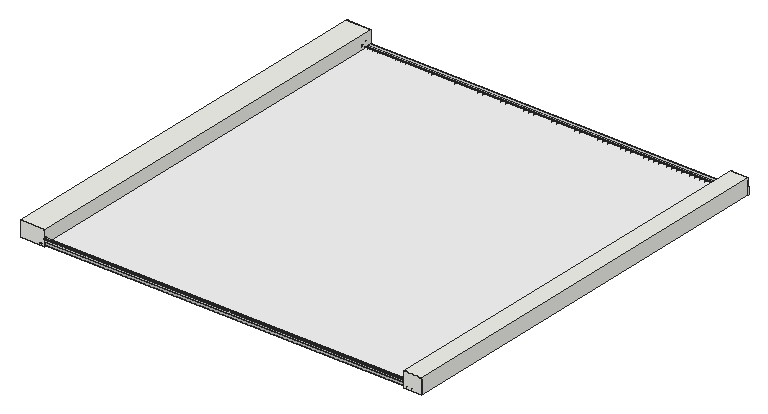
Revit family "DSI-HHS10B_2HR_Horizontal-Fire-Curtain_Floor_Door-Systems", category Specialty Equipment, Revit 2026
Family settings
  Round Connector Dimension = Use Diameter
  Part Type = Normal
  Classification Number = 23.30.60.17
  Work Plane-Based = No
  Enable Cutting in Views = No
  Always vertical = Yes
  Cut with Voids When Loaded = No
  Maintain Annotation Orientation = No
  Shared = No
  Room Calculation Point = No
Parameters
  Type Comments = ""
  Specifications = "https://www.arcat.com/company/door-systems-50183/spec"
  Specification = ""
  Product Page URL = ""
  Product Information = "https://www.arcat.com/arcatcos/cos50/arc50183.html"
  Primed Steel = "Primed Steel"
  Keynote = "08 33 44"
  Height (TBH) Tail end Box [instance] = 0' - 11 3/4"
  Description = ""
  Default Elevation = 0' - 0"
  Cost = 0
  Copyright = "Arcat, Inc."
  Curtain Width [instance] = 25' - 3"
  URL = "https://www.doorsysinc.com"
  Width (TBW) Tail end Box [instance] = 1' - 1 3/4"
  Schematic Floor = no
  Power Supply = "120v"
  Open Fire Curtain = yes
  Motor = "INTERNAL, ELECTRIC, TUBULER GEARED CONSTANT SPEED MOTOR"
  Model = "DSI-HHS10B 2HR Horizontal Curtain Floor"
  Manufacturer = "Door Systems"
  Width (HBW) Head Box [instance] = 1' - 6 1/2"
  Height (HBH) Head Box [instance] = 0' - 11 3/4"
  Guide Rail = "2 mm THK PRIMED STEEL GUIDE RAIL"
  End Plate = "3mmTHK PRIMED STEEL END PLATES AND BRACKETS"
  Curtain Fabric = "HS690-SS FABRIC- UL 10B"
  Curtain Box = "1.2mmTHK PRIMED STEEL"
  Curtain = Curtain
  Curtain Length [instance] = 23' - 0"
  CAD Details = ""
  Bottom Bar = "2mm THK  PRIMED STEEL  BOTTOM BAR"
  Assembly Code = ""
Reference planes (in)
  plane 1 "Center (Front/Back)": y = 0
  plane 2: z = 0
  plane 3 "Center (Left/Right)": x = 0
  plane 4: y = 48
  plane 5: y = -265.62376
  plane 6: x = -48
  plane 7: x = 260.25
  plane 8: x = -29.5
  plane 9: x = 246.5
  plane 10: y = 43.47244
  plane 11: y = -261.0962
  plane 12: z = 0
  plane 13: z = 11.75
  plane 14: z = 8.30906
  plane 15: x = -34.22047
  plane 16: x = 252.40133
  plane 17: z = 10.90207
  plane 18: y = 47.2126
  plane 19: y = -264.84251
  plane 20: y = -265.57689
  plane 21: y = 47.95312
  plane 22: z = 9.7997
  plane 23: z = 9.75283
  plane 24: x = -32.25591
  plane 25: x = 249.25591
  plane 26: z = 6.95124
  plane 27: z = 1.94882
  plane 28: z = 1.90194
  plane 29: z = 11.75
  plane 30: y = -260.31495
  plane 31: y = 42.68505
Forms (in)
  Extrusion 1, solid, material "Metal, Paint Finish, White, Matte"
    sketch origin (0, 0, 0) x (1, 0, 0) y (0, 0, 1)
      loop
        line (-29.5, 11.75) -> (-48, 11.75) -> (-48, 0) -> (-29.5, 0) -> (-29.5, 11.75)
    from -47.95312 to 265.57689
  Extrusion 2, solid, material "Metal, Paint Finish, White, Matte"
    sketch origin (0, 0, 0) x (1, 0, 0) y (0, 0, 1)
      loop
        line (246.49582, 11.75) -> (246.49582, 0) -> (260.24582, 0) -> (260.24582, 11.75) -> (246.49582, 11.75)
    from -47.95312 to 265.57689
  Extrusion 3, solid, material "Metal, Paint Finish, White, Matte"
    sketch origin (0, -119.95313, 0) x (1, 0, 0) y (0, 0, 1)
      loop
        line (-48, 11.65551) -> (-48, 0) -> (-29.5, 0) -> (-29.5, 11.75) -> (-47.90551, 11.75)
        arc (-47.90551, 11.75) -> (-47.97233, 11.72233) -> (-48, 11.65551) r 0.09449
    from 145.62376 to 145.67064
  Extrusion 4, solid, material "Metal, Paint Finish, White, Matte"
    sketch origin (0, -36, 0) x (1, 0, 0) y (0, 0, 1)
      loop
        line (-48, 11.65551) -> (-48, 0) -> (-29.5, 0) -> (-29.5, 11.75) -> (-47.90551, 11.75)
        arc (-47.90551, 11.75) -> (-47.97233, 11.72233) -> (-48, 11.65551) r 0.09449
    from -84 to -83.95312
  Extrusion 5, solid, material "Metal, Paint Finish, White, Matte"
    sketch origin (0, -35.95313, 0) x (1, 0, 0) y (0, 0, 1)
      loop
        line (246.49582, 0) -> (260.24582, 0) -> (260.24582, 11.65551)
        arc (260.24582, 11.65551) -> (260.21814, 11.72233) -> (260.15133, 11.75) r 0.09449
        line (260.15133, 11.75) -> (246.49582, 11.75) -> (246.49582, 0)
    from 229.62376 to 229.67064
  Extrusion 6, solid, material "Metal, Paint Finish, White, Matte"
    sketch origin (0, 48, 0) x (1, 0, 0) y (0, 0, 1)
      loop
        line (246.49582, 0) -> (260.24582, 0) -> (260.24582, 11.65551)
        arc (260.24582, 11.65551) -> (260.21814, 11.72233) -> (260.15133, 11.75) r 0.09449
        line (260.15133, 11.75) -> (246.49582, 11.75) -> (246.49582, 0)
    from 0 to 0.04688
  Extrusion 7, solid, material "Schematic Floor", visible <- "Schematic Floor"
    sketch origin (0, 0, -5.90551) x (1, 0, 0) y (0, 1, 0)
      loop
        line (-32.25591, -265.57689) -> (249.25591, -265.57689) -> (249.25591, 48) -> (-32.25591, 48) -> (-32.25591, -265.57689)
      loop
        line (284.24582, 72) -> (-72, 72) -> (-72, -289.57689) -> (284.24582, -289.57689) -> (284.24582, 72)
    from 0 to 5.90551
  Extrusion 8, solid, material "Galvanized Steel"
    sketch origin (0, 1.56963, -6.86368) x (0, 1, 0) y (0, 0, 1)
      loop
        line (-261.88458, 8.93061) -> (-261.88458, 9.48179)
        arc (-261.88458, 9.48179) -> (-261.91918, 9.56531) -> (-262.00269, 9.5999) r 0.11811
        line (-262.00269, 9.5999) -> (-266.29403, 9.5999)
        arc (-266.29403, 9.5999) -> (-266.37755, 9.56531) -> (-266.41214, 9.48179) r 0.11811
        line (-266.41214, 9.48179) -> (-266.41214, 7.74951)
        arc (-266.41214, 7.74951) -> (-266.37755, 7.66599) -> (-266.29403, 7.6314) r 0.11811
        line (-266.29403, 7.6314) -> (-262.00269, 7.6314)
        arc (-262.00269, 7.6314) -> (-261.91918, 7.66599) -> (-261.88458, 7.74951) r 0.11811
        line (-261.88458, 7.74951) -> (-261.88458, 8.30069)
        arc (-261.88458, 8.30069) -> (-261.91918, 8.38421) -> (-262.00269, 8.4188) r 0.11811
        line (-262.00269, 8.4188) -> (-263.14443, 8.4188)
        arc (-263.14443, 8.4188) -> (-263.22794, 8.38421) -> (-263.26254, 8.30069) r 0.11811
        line (-263.26254, 8.30069) -> (-263.26254, 7.74951) -> (-263.1838, 7.74951) -> (-263.1838, 8.30069)
        arc (-263.1838, 8.30069) -> (-263.17227, 8.32853) -> (-263.14443, 8.34006) r 0.03937
        line (-263.14443, 8.34006) -> (-262.00269, 8.34006)
        arc (-262.00269, 8.34006) -> (-261.97486, 8.32853) -> (-261.96332, 8.30069) r 0.03937
        line (-261.96332, 8.30069) -> (-261.96332, 7.74951)
        arc (-261.96332, 7.74951) -> (-261.97486, 7.72167) -> (-262.00269, 7.71014) r 0.03937
        line (-262.00269, 7.71014) -> (-266.29403, 7.71014)
        arc (-266.29403, 7.71014) -> (-266.32187, 7.72167) -> (-266.3334, 7.74951) r 0.03937
        line (-266.3334, 7.74951) -> (-266.3334, 9.48179)
        arc (-266.3334, 9.48179) -> (-266.32187, 9.50963) -> (-266.29403, 9.52116) r 0.03937
        line (-266.29403, 9.52116) -> (-262.00269, 9.52116)
        arc (-262.00269, 9.52116) -> (-261.97486, 9.50963) -> (-261.96332, 9.48179) r 0.03937
        line (-261.96332, 9.48179) -> (-261.96332, 8.93061)
        arc (-261.96332, 8.93061) -> (-261.97486, 8.90277) -> (-262.00269, 8.89124) r 0.03937
        line (-262.00269, 8.89124) -> (-263.14443, 8.89124)
        arc (-263.14443, 8.89124) -> (-263.17227, 8.90277) -> (-263.1838, 8.93061) r 0.03937
        line (-263.1838, 8.93061) -> (-263.1838, 9.49557) -> (-263.26254, 9.49557) -> (-263.26254, 8.93061)
        arc (-263.26254, 8.93061) -> (-263.22794, 8.84709) -> (-263.14443, 8.8125) r 0.11811
        line (-263.14443, 8.8125) -> (-262.00269, 8.8125)
        arc (-262.00269, 8.8125) -> (-261.91918, 8.84709) -> (-261.88458, 8.93061) r 0.11811
    from -34.22047 to 252.40133
  Extrusion 9, solid, material "Galvanized Steel"
    sketch origin (0, 0, -8.22835) x (0, 1, 0) y (0, 0, 1)
      loop
        line (44.063, 10.86024) -> (43.98426, 10.86024) -> (43.98426, 10.29528)
        arc (43.98426, 10.29528) -> (43.97273, 10.26744) -> (43.94489, 10.25591) r 0.03937
        line (43.94489, 10.25591) -> (42.80316, 10.25591)
        arc (42.80316, 10.25591) -> (42.77532, 10.26744) -> (42.76379, 10.29528) r 0.03937
        line (42.76379, 10.29528) -> (42.76379, 10.84646)
        arc (42.76379, 10.84646) -> (42.77532, 10.8743) -> (42.80316, 10.88583) r 0.03937
        line (42.80316, 10.88583) -> (47.09449, 10.88583)
        arc (47.09449, 10.88583) -> (47.12233, 10.8743) -> (47.13386, 10.84646) r 0.03937
        line (47.13386, 10.84646) -> (47.13386, 9.11417)
        arc (47.13386, 9.11417) -> (47.12233, 9.08633) -> (47.09449, 9.0748) r 0.03937
        line (47.09449, 9.0748) -> (42.80316, 9.0748)
        arc (42.80316, 9.0748) -> (42.77532, 9.08633) -> (42.76379, 9.11417) r 0.03937
        line (42.76379, 9.11417) -> (42.76379, 9.66535)
        arc (42.76379, 9.66535) -> (42.77532, 9.69319) -> (42.80316, 9.70472) r 0.03937
        line (42.80316, 9.70472) -> (43.94489, 9.70472)
        arc (43.94489, 9.70472) -> (43.97273, 9.69319) -> (43.98426, 9.66535) r 0.03937
        line (43.98426, 9.66535) -> (43.98426, 9.11417) -> (44.063, 9.11417) -> (44.063, 9.66535)
        arc (44.063, 9.66535) -> (44.0284, 9.74887) -> (43.94489, 9.78346) r 0.11811
        line (43.94489, 9.78346) -> (42.80316, 9.78346)
        arc (42.80316, 9.78346) -> (42.71964, 9.74887) -> (42.68505, 9.66535) r 0.11811
        line (42.68505, 9.66535) -> (42.68505, 9.11417)
        arc (42.68505, 9.11417) -> (42.71964, 9.03066) -> (42.80316, 8.99606) r 0.11811
        line (42.80316, 8.99606) -> (47.09449, 8.99606)
        arc (47.09449, 8.99606) -> (47.17801, 9.03066) -> (47.2126, 9.11417) r 0.11811
        line (47.2126, 9.11417) -> (47.2126, 10.84646)
        arc (47.2126, 10.84646) -> (47.17801, 10.92997) -> (47.09449, 10.96457) r 0.11811
        line (47.09449, 10.96457) -> (42.80316, 10.96457)
        arc (42.80316, 10.96457) -> (42.71964, 10.92997) -> (42.68505, 10.84646) r 0.11811
        line (42.68505, 10.84646) -> (42.68505, 10.29528)
        arc (42.68505, 10.29528) -> (42.71964, 10.21176) -> (42.80316, 10.17717) r 0.11811
        line (42.80316, 10.17717) -> (43.94489, 10.17717)
        arc (43.94489, 10.17717) -> (44.0284, 10.21176) -> (44.063, 10.29528) r 0.11811
        line (44.063, 10.29528) -> (44.063, 10.86024)
    from -34.22047 to 252.40133
  Extrusion 10, solid, material "Curtain", visible <- "Open Fire Curtain"
    sketch origin (0, 0, 1.90194) x (1, 0, 0) y (0, 1, 0)
      loop
        line (-34.22047, -261.0962) -> (252.40133, -261.0962) -> (252.40133, 43.47244) -> (-34.22047, 43.47244) -> (-34.22047, -261.0962)
    from 0 to 0.04688
Lines and regions (in)
  symbolic lines
    curve 1: circle (-44.44391, 0, 4.45016) r 1.91535 normal (0, -1, 0)
    curve 2: circle (-44.44391, 0, 4.45016) r 1.50591 normal (0, -1, 0)
    curve 3: circle (-44.44391, 0, 4.45016) r 1.37795 normal (0, -1, 0)
    curve 4: line (-44.44918, 0, 6.77951) -> (-44.43864, 0, 2.12081)
    curve 5: line (-46.77326, 0, 4.44489) -> (-42.11456, 0, 4.45543)
    curve 6: line (-42.11456, 0, 4.45543) -> (-33.08897, 0, 4.47584)
    curve 7: line (-37.5648, 0, 8.93148) -> (-37.54461, 0, 0)
    curve 8: arc (-37.55921, 0, 6.45983) -> (-38.96793, 0, 5.87259) -> (-39.54879, 0, 4.46123) r 1.99409
    curve 9: circle (-37.5547, 0, 4.46574) r 3.54331 normal (0, -1, 0)
    curve 10: line (-44.31602, 0, 6.36124) -> (-37.45896, 0, 5.90235)
    curve 11: line (-37.55145, 0, 3.02594) -> (-44.30641, 0, 2.53975)
    curve 12: circle (-37.5547, 0, 4.46574) r 1.43976 normal (0, -1, 0)
    curve 13: circle (-37.5547, 0, 4.46574) r 1.85236 normal (0, -1, 0)
    curve 14: circle (-37.5547, 0, 4.46574) r 1.99409 normal (0, -1, 0)
    curve 41: line (-34.10601, 0, 0.92244) -> (-37.56272, 0, 0.92244)
    curve 43: circle (252.40133, 0, 6.88976) r 1.43976 normal (0, -1, 0)
    curve 44: line (257.13479, 0, 8.79589) -> (252.26219, 0, 8.32279)
    curve 45: line (252.40133, 0, 8.68158) -> (252.40133, 0, 5.09795)
    curve 46: line (250.60952, 0, 6.88976) -> (254.19314, 0, 6.88976)
    curve 47: circle (252.40363, 0, 6.88976) r 0.83465 normal (0, -1, 0)
    curve 48: circle (252.40363, 0, 6.88976) r 0.71654 normal (0, -1, 0)
    curve 49: line (254.84162, 0, 6.88976) -> (259.80356, 0, 6.88976)
    curve 50: circle (257.32259, 0, 6.88976) r 1.91535 normal (0, -1, 0)
    curve 51: circle (257.32259, 0, 6.88976) r 1.50591 normal (0, -1, 0)
    curve 52: circle (257.32259, 0, 6.88976) r 1.37795 normal (0, -1, 0)
    curve 53: line (252.42006, 0, 5.45012) -> (257.134, 0, 4.98372)
    curve 54: line (257.32259, 0, 9.37074) -> (257.32259, 0, 4.40879)
  symbolic lines, not visible
    curve 15: circle (-44.45615, 0, 6.29921) r 1.91535 normal (0, -1, 0)
    curve 16: circle (-44.45615, 0, 6.29921) r 1.50591 normal (0, -1, 0)
    curve 17: circle (-44.45615, 0, 6.29921) r 1.37795 normal (0, -1, 0)
    curve 18: line (-44.45615, 0, 8.62857) -> (-44.45615, 0, 3.96985)
    curve 19: line (-46.78551, 0, 6.29921) -> (-42.12679, 0, 6.29921)
    curve 20: line (-42.12679, 0, 6.29921) -> (-33.10118, 0, 6.29921)
    curve 21: line (-37.56693, 0, 10.76496) -> (-37.56693, 0, 1.83346)
    curve 22: arc (-37.56693, 0, 8.29331) -> (-38.97697, 0, 7.70925) -> (-39.56102, 0, 6.29921) r 1.99409
    curve 23: circle (-37.56693, 0, 6.29921) r 3.54331 normal (0, -1, 0)
    curve 24: line (-44.32394, 0, 8.21) -> (-37.46794, 0, 7.73561)
    curve 25: line (-37.56693, 0, 4.85941) -> (-44.32297, 0, 4.38849)
    curve 26: circle (-37.56693, 0, 6.29921) r 1.43976 normal (0, -1, 0)
    curve 27: circle (-37.56693, 0, 6.29921) r 1.85236 normal (0, -1, 0)
    curve 28: circle (-37.56693, 0, 6.29921) r 1.99409 normal (0, -1, 0)
    curve 29: circle (126.25984, 0, 4.92126) r 1.43976 normal (0, -1, 0)
    curve 30: line (130.9933, 0, 6.82739) -> (126.1207, 0, 6.35428)
    curve 31: line (126.25984, 0, 6.71307) -> (126.25984, 0, 3.12945)
    curve 32: line (124.46803, 0, 4.92126) -> (128.05166, 0, 4.92126)
    curve 33: circle (126.26214, 0, 4.92126) r 0.83465 normal (0, -1, 0)
    curve 34: circle (126.26214, 0, 4.92126) r 0.71654 normal (0, -1, 0)
    curve 35: line (128.70013, 0, 4.92126) -> (133.66207, 0, 4.92126)
    curve 36: circle (131.1811, 0, 4.92126) r 1.91535 normal (0, -1, 0)
    curve 37: circle (131.1811, 0, 4.92126) r 1.50591 normal (0, -1, 0)
    curve 38: circle (131.1811, 0, 4.92126) r 1.37795 normal (0, -1, 0)
    curve 39: line (126.27857, 0, 3.48162) -> (130.99251, 0, 3.01521)
    curve 40: line (131.1811, 0, 7.40223) -> (131.1811, 0, 2.44029)
    curve 42: line (-34.12626, 0, 2.74813) -> (-37.58295, 0, 2.75594)
    curve 55: circle (-44.44391, 0, 4.45016) r 1.91535 normal (0, -1, 0)
    curve 56: circle (-44.44391, 0, 4.45016) r 1.50591 normal (0, -1, 0)
    curve 57: circle (-44.44391, 0, 4.45016) r 1.37795 normal (0, -1, 0)
    curve 58: line (-44.44918, 0, 6.77951) -> (-44.43864, 0, 2.12081)
    curve 59: line (-46.77326, 0, 4.44489) -> (-42.11456, 0, 4.45543)
    curve 60: line (-42.11456, 0, 4.45543) -> (-33.08897, 0, 4.47584)
    curve 61: line (-37.5648, 0, 8.93148) -> (-37.54461, 0, 0)
    curve 62: arc (-37.55921, 0, 6.45983) -> (-38.96793, 0, 5.87259) -> (-39.54879, 0, 4.46123) r 1.99409
    curve 63: circle (-37.5547, 0, 4.46574) r 3.54331 normal (0, -1, 0)
    curve 64: line (-44.31602, 0, 6.36124) -> (-37.45896, 0, 5.90235)
    curve 65: line (-37.55145, 0, 3.02594) -> (-44.30641, 0, 2.53975)
    curve 66: circle (-37.5547, 0, 4.46574) r 1.43976 normal (0, -1, 0)
    curve 67: circle (-37.5547, 0, 4.46574) r 1.85236 normal (0, -1, 0)
    curve 68: circle (-37.5547, 0, 4.46574) r 1.99409 normal (0, -1, 0)
    curve 69: line (-34.10601, 0, 0.92244) -> (-37.56272, 0, 0.92244)
Dimensions and locks (in)
  "Width (HBW) Head Box": plane 6 to plane 8
  "Width (TBW) Tail end Box": plane 9 to plane 7
  plane 6 to plane 7 = 25' - 8 1/4"
  "Curtain Length": plane 8 to plane 9
  plane 4 to plane 5 = 26' - 1.62376"
  locked: plane 11 to plane 5 at 4.52756
  locked: plane 4 to plane 10 at 4.52756
  "Height (HBH) Head Box": plane 13 to plane 12
  locked: plane 13 to plane 14 at 3.44094
  locked: plane 9 to plane 16 at 5.90133
  locked: plane 13 to plane 17 at 0.84793
  locked: plane 4 to plane 18 at 0.7874
  locked: plane 19 to plane 5 at 0.78125
  locked: plane 20 to plane 5 at 0.04687
  locked: plane 4 to plane 21 at 0.04688
  plane 13 to plane 22 to plane 23 = 0' - 1.9503" locked, 0' - 0 3/64" locked
  locked: plane 24 to plane 8 at 2.75591
  locked: plane 9 to plane 25 at 2.75591
  locked: plane 26 to plane 12 at 6.95124
  locked: plane 27 to plane 12 at 1.94882
  locked: plane 27 to plane 28 at 0.04688
  plane 27 to plane 12 = 0' - 1.94882"
  "Height (TBH) Tail end Box": plane 29 to plane 12
  locked: plane 4 to plane 31 at 5.31495
  "Curtain Width": plane 31 to plane 30
  locked: plane 20 to plane 30 at 5.26193
  aligned and locked: plane 2 to level
  aligned and locked: plane 13 to Extrusion 1 sketch curve
  aligned and locked: Extrusion 1 sketch curve to plane 12
  aligned and locked: plane 6 to Extrusion 1
  aligned and locked: plane 12 to Extrusion 2
  aligned and locked: Extrusion 3 to plane 5
  aligned and locked: Extrusion 3 to plane 20
  aligned and locked: plane 20 to Extrusion 1
  aligned and locked: Extrusion 4 to plane 21
  aligned and locked: plane 4 to Extrusion 4
  aligned and locked: plane 21 to Extrusion 1
  aligned and locked: plane 5 to Extrusion 5
  aligned and locked: Extrusion 5 to plane 20
  aligned and locked: Extrusion 6 to plane 4
  aligned and locked: plane 21 to Extrusion 6
  aligned and locked: plane 20 to Extrusion 2
  aligned and locked: Extrusion 2 to plane 21
  aligned and locked: plane 13 to Extrusion 3
  aligned and locked: Extrusion 8 to plane 27
  aligned and locked: Extrusion 9 to plane 27
  aligned and locked: Extrusion 10 to plane 28
  aligned and locked: Extrusion 10 to plane 27
  aligned and locked: Extrusion 9 to plane 16
  aligned and locked: Extrusion 8 to plane 16
  aligned and locked: plane 8 to Extrusion 1 sketch curve
  aligned and locked: Extrusion 5 sketch curve to plane 29
  aligned and locked: Extrusion 6 sketch curve to plane 29
  aligned and locked: plane 29 to Extrusion 2 sketch curve
  aligned and locked: plane 30 to Extrusion 8
  aligned and locked: plane 31 to Extrusion 9
  aligned and locked: plane 16 to curve 45
Automatic sketch dimensions
  curve 1 to curve 2 = 0' - 0"  (x2)
  curve 1 to curve 3 = 0' - 0"  (x2)
  curve 2 to curve 3 = 0' - 0"  (x2)
  curve 8 to curve 9 = 0' - 0"  (x2)
  curve 8 to curve 12 = 0' - 0"  (x2)
  curve 8 to curve 13 = 0' - 0"  (x2)
  curve 8 to curve 14 = 0' - 0"  (x2)
  curve 9 to curve 12 = 0' - 0"  (x2)
  curve 9 to curve 13 = 0' - 0"  (x2)
  curve 9 to curve 14 = 0' - 0"  (x2)
  curve 12 to curve 13 = 0' - 0"  (x2)
  curve 12 to curve 14 = 0' - 0"  (x2)
  curve 13 to curve 14 = 0' - 0"  (x2)
  curve 1 to curve 6 = 0' - 2.32936"
  curve 5 to curve 8 = 0' - 4.55986"
  curve 3 to curve 5 = 0' - 0"
  curve 5 to curve 2 = 0' - 2.32936"
  curve 4 to curve 1 = 0' - 0"
  curve 4 to curve 10 = 0' - 0.13221"
  curve 4 to curve 11 = 0' - 0.13318"
  curve 8 to curve 8 = 0' - 1.99409"
  curve 41 to curve 7 = 0' - 0.01602"
  curve 8 to curve 10 = 0' - 0.09899"
  curve 41 to curve 41 = 0' - 3.45669"
  curve 41 to curve 6 = 0' - 1.02508"
  curve 11 to curve 9 = 0' - 1.4398"
  curve 11 to curve 2 = 0' - 1.91072"
  curve 4 to curve 11 = 0' - 0.41864"
  curve 41 to curve 11 = 0' - 2.10347"
  curve 41 to curve 41 = 0' - 0 1/128"
  curve 7 to curve 41 = 0' - 0.92248"
  curve 10 to curve 8 = 0' - 0.5577"
  curve 10 to curve 4 = 0' - 0.41857"
  curve 8 to curve 7 = 0' - 2.47166"
  curve 15 to curve 16 = 0' - 0"  (x2)
  curve 15 to curve 17 = 0' - 0"  (x2)
  curve 16 to curve 17 = 0' - 0"  (x2)
  curve 22 to curve 23 = 0' - 0"  (x2)
  curve 22 to curve 26 = 0' - 0"  (x2)
  curve 22 to curve 27 = 0' - 0"  (x2)
  curve 22 to curve 28 = 0' - 0"  (x2)
  curve 23 to curve 26 = 0' - 0"  (x2)
  curve 23 to curve 27 = 0' - 0"  (x2)
  curve 23 to curve 28 = 0' - 0"  (x2)
  curve 26 to curve 27 = 0' - 0"  (x2)
  curve 26 to curve 28 = 0' - 0"  (x2)
  curve 27 to curve 28 = 0' - 0"  (x2)
  curve 15 to curve 20 = 0' - 2.32936"
  curve 19 to curve 22 = 0' - 4.55986"
  curve 17 to curve 19 = 0' - 0"
  curve 19 to curve 16 = 0' - 2.32936"
  curve 18 to curve 15 = 0' - 0"
  curve 18 to curve 24 = 0' - 0.13221"
  curve 18 to curve 25 = 0' - 0.13318"
  curve 22 to curve 22 = 0' - 1.99409"
  curve 42 to curve 21 = 0' - 0.01602"
  curve 22 to curve 24 = 0' - 0.09899"
  curve 42 to curve 42 = 0' - 3.45669"
  curve 42 to curve 20 = 0' - 1.02508"
  curve 25 to curve 23 = 0' - 1.4398"
  curve 25 to curve 16 = 0' - 1.91072"
  curve 18 to curve 25 = 0' - 0.41864"
  curve 42 to curve 25 = 0' - 2.10347"
  curve 42 to curve 42 = 0' - 0 1/128"
  curve 21 to curve 42 = 0' - 0.92248"
  curve 24 to curve 22 = 0' - 0.5577"
  curve 24 to curve 18 = 0' - 0.41857"
  curve 22 to curve 21 = 0' - 2.47166"
  Extrusion 2 sketch curve to level = 0' - 0"
  plane 7 to Extrusion 2 sketch curve = 0' - 0.00418"
  plane 6 to Extrusion 3 sketch curve = 0' - 0"
  Extrusion 3 sketch curve to plane 13 = 0' - 0"
  plane 8 to Extrusion 3 sketch curve = 0' - 0"
  Extrusion 3 sketch curve to level = 0' - 0"
  Extrusion 3 sketch curve to plane 6 = 0' - 0.09449"
  plane 6 to Extrusion 4 sketch curve = 0' - 0"
  Extrusion 4 sketch curve to plane 13 = 0' - 0"
  plane 8 to Extrusion 4 sketch curve = 0' - 0"
  Extrusion 4 sketch curve to level = 0' - 0"
  Extrusion 4 sketch curve to plane 6 = 0' - 0.09449"
  Extrusion 5 sketch curve to level = 0' - 0"
  plane 9 to Extrusion 5 sketch curve = 0' - 0.00418"
  plane 7 to Extrusion 5 sketch curve = 0' - 0.09867"
  plane 7 to Extrusion 5 sketch curve = 0' - 0.00418"
  Extrusion 6 sketch curve to level = 0' - 0"
  plane 9 to Extrusion 6 sketch curve = 0' - 0.00418"
  plane 7 to Extrusion 6 sketch curve = 0' - 0.09867"
  plane 7 to Extrusion 6 sketch curve = 0' - 0.00418"
  plane 20 to Extrusion 7 sketch curve = 0' - 0"
  Extrusion 7 sketch curve to plane 24 = 0' - 0"
  Extrusion 7 sketch curve to plane 25 = 0' - 0"
  Extrusion 7 sketch curve to plane 4 = 0' - 0"
  plane 6 to Extrusion 7 sketch curve = 2' - 0"
  Extrusion 7 sketch curve to plane 7 = 1' - 11.99582"
  Extrusion 7 sketch curve to plane 5 = 1' - 11 61/64"
  plane 4 to Extrusion 7 sketch curve = 2' - 0"
  Extrusion 8 sketch curve to Extrusion 8 sketch curve = 0' - 0"  (x17)
  Extrusion 8 sketch curve to plane 19 = 0' - 0"
  Extrusion 8 sketch curve to plane 27 = 0' - 0"
  Extrusion 8 sketch curve to Extrusion 8 sketch curve = 0' - 0.07874"
  Extrusion 8 sketch curve to Extrusion 8 sketch curve = 0' - 0.03937"  (x6)
  Extrusion 8 sketch curve to plane 11 = 0' - 0.5967"  (x2)
  plane 11 to Extrusion 8 sketch curve = 0' - 0.66314"  (x2)
  plane 27 to Extrusion 8 sketch curve = 0' - 0.11811"
  Extrusion 8 sketch curve to plane 28 = 0' - 0.34683"
  Extrusion 8 sketch curve to Extrusion 8 sketch curve = 0' - 0.55118"  (x3)
  Extrusion 8 sketch curve to Extrusion 8 sketch curve = 0' - 0.56496"
  Extrusion 9 sketch curve to Extrusion 9 sketch curve = 0' - 0"  (x18)
  Extrusion 9 sketch curve to plane 27 = 0' - 0"
  Extrusion 9 sketch curve to plane 18 = 0' - 0"
  Extrusion 9 sketch curve to Extrusion 9 sketch curve = 0' - 0.07874"
  Extrusion 9 sketch curve to Extrusion 9 sketch curve = 0' - 0.03937"  (x5)
  plane 10 to Extrusion 9 sketch curve = 0' - 0.59056"  (x2)
  Extrusion 9 sketch curve to plane 10 = 0' - 0.66929"  (x2)
  plane 27 to Extrusion 9 sketch curve = 0' - 0.11811"
  Extrusion 9 sketch curve to plane 28 = 0' - 0.34683"
  level to Extrusion 9 sketch curve = 0' - 0.88583"
  Extrusion 9 sketch curve to Extrusion 9 sketch curve = 0' - 0.55118"  (x2)
  Extrusion 9 sketch curve to Extrusion 9 sketch curve = 0' - 0.56496"
  Extrusion 10 sketch curve to plane 10 = 0' - 0"
  Extrusion 10 sketch curve to plane 15 = 0' - 0"
  Extrusion 10 sketch curve to plane 16 = 0' - 0"
  Extrusion 10 sketch curve to plane 11 = 0' - 0"
  plane 6 to Extrusion 1 sketch curve = 0' - 0"
  plane 9 to Extrusion 2 sketch curve = 0' - 0.00418"
  curve 55 to curve 56 = 0' - 0"  (x2)
  curve 55 to curve 57 = 0' - 0"  (x2)
  curve 56 to curve 57 = 0' - 0"  (x2)
  curve 62 to curve 63 = 0' - 0"  (x2)
  curve 62 to curve 66 = 0' - 0"  (x2)
  curve 62 to curve 67 = 0' - 0"  (x2)
  curve 62 to curve 68 = 0' - 0"  (x2)
  curve 63 to curve 66 = 0' - 0"  (x2)
  curve 63 to curve 67 = 0' - 0"  (x2)
  curve 63 to curve 68 = 0' - 0"  (x2)
  curve 66 to curve 67 = 0' - 0"  (x2)
  curve 66 to curve 68 = 0' - 0"  (x2)
  curve 67 to curve 68 = 0' - 0"  (x2)
  curve 55 to curve 60 = 0' - 2.32936"
  curve 59 to curve 62 = 0' - 4.55986"
  curve 57 to curve 59 = 0' - 0"
  curve 59 to curve 56 = 0' - 2.32936"
  curve 58 to curve 55 = 0' - 0"
  curve 58 to curve 64 = 0' - 0.13221"
  curve 58 to curve 65 = 0' - 0.13318"
  curve 62 to curve 62 = 0' - 1.99409"
  curve 69 to curve 61 = 0' - 0.01602"
  curve 62 to curve 64 = 0' - 0.09899"
  curve 69 to curve 69 = 0' - 3.45669"
  curve 69 to curve 60 = 0' - 1.02508"
  curve 65 to curve 63 = 0' - 1.4398"
  curve 65 to curve 56 = 0' - 1.91072"
  curve 58 to curve 65 = 0' - 0.41864"
  curve 69 to curve 65 = 0' - 2.10347"
  curve 69 to curve 69 = 0' - 0 1/128"
  curve 61 to curve 69 = 0' - 0.92248"
  curve 64 to curve 62 = 0' - 0.5577"
  curve 64 to curve 58 = 0' - 0.41857"
  curve 62 to curve 61 = 0' - 2.47166"
  radius of curve 2 = 0' - 1.50591"
  radius of curve 3 = 0' - 1.37795"
  radius of curve 12 = 0' - 1.43976"
  radius of curve 13 = 0' - 1.85236"
  radius of curve 14 = 0' - 1.99409"
  radius of curve 16 = 0' - 1.50591"
  radius of curve 17 = 0' - 1.37795"
  radius of curve 26 = 0' - 1.43976"
  radius of curve 27 = 0' - 1.85236"
  radius of curve 28 = 0' - 1.99409"
  radius of curve 56 = 0' - 1.50591"
  radius of curve 57 = 0' - 1.37795"
  radius of curve 66 = 0' - 1.43976"
  radius of curve 67 = 0' - 1.85236"
  radius of curve 68 = 0' - 1.99409"
